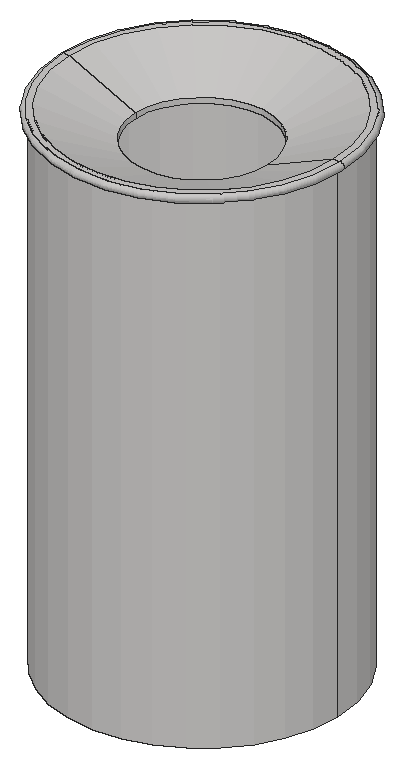
Revit family
Parameters (values of type "B-2400")
  URL = "http://www.bobrick.com"
  Revised Date = "23/08/2013"
  Product URL = "http://www.bobrick.com/washroomaccessories/Pages/ProductDetails.aspx?Product+Number%3DB-2400"
  Phone # = "416-250-5656"
  Model = "B-2400"
  Material = Satin-finish Stainless Steel
  Manufacturer = "Bobrick"
  Designed By = "ATS BIM Team"
  Description = "Satin-finish stainless steel. Removable funnel top with 8 1⁄4\" (210mm) diameter opening for hygienic, no-touch disposal of waste. Four heavy-duty rubber feet. Rigid plastic liner waste container has handle for easy removal. Capacity: 33-gal. (125-L). Unit 18 1⁄4\" diameter, 32\" high (465 x 815mm)."
  Default Elevation = 0' - 0"
Reference planes (in)
  plane 1 "Center (Front/Back)": y = 0
  plane 2: z = 0
  plane 3 "Center (Left/Right)": x = 0
  plane 4: z = 32.5
  plane 5: z = 0.5
  plane 6: x = -9.125
  plane 7: x = 9.125
Forms (in)
  Revolve 1, solid, material "Satin-finish Stainless Steel" <- "Material"
    sketch origin (0, 0, 0) x (1, 0, 0) y (0, 0, 1)
      loop
        line (-8.75, 0.5) -> (0, 0.5) -> (0, 0.875) -> (-8, 0.875) -> (-8, 30.375) -> (-4.25, 30.375) -> (-4.25, 30.69598) -> (-8.5, 32.5) -> (-8.875, 32.5)
        arc (-8.875, 32.5) -> (-9.125, 32.25) -> (-8.875, 32) r 0.25
        line (-8.875, 32) -> (-8.75, 32) -> (-8.75, 0.5)
      axis (0, 32.5) -> (0, 0.5)
    angle from 0 to 360
  Revolve 2, solid, material "Satin-finish Stainless Steel" <- "Material"
    sketch origin (0, 0, 0) x (0.866025, -0.5, 0) y (0, 0, 1)
      loop
        line (-6.93663, 0.5) -> (-6.93663, 0)
        arc (-6.93663, 0) -> (-6.58308, 0.14645) -> (-6.43663, 0.5) r 0.5
        line (-6.43663, 0.5) -> (-6.93663, 0.5)
      axis (-6.93663, 0.5) -> (-6.93663, 0)
    angle from 0 to 360
  Revolve 3, solid, material "Satin-finish Stainless Steel" <- "Material"
    sketch origin (0, 0, 0) x (0, 1, 0) y (0, 0, -1)
      loop
        line (-6.93663, -0.5) -> (-6.43663, -0.5)
        arc (-6.43663, -0.5) -> (-6.58308, -0.14645) -> (-6.93663, 0) r 0.5
        line (-6.93663, 0) -> (-6.93663, -0.5)
      axis (-6.93663, -0.5) -> (-6.93663, 0)
    angle from 0 to 360
  Revolve 4, solid, material "Satin-finish Stainless Steel" <- "Material"
    sketch origin (0, 0, 0) x (-0.866025, -0.5, 0) y (0, 0, -1)
      loop
        line (-6.93663, -0.5) -> (-6.43663, -0.5)
        arc (-6.43663, -0.5) -> (-6.58308, -0.14645) -> (-6.93663, 0) r 0.5
        line (-6.93663, 0) -> (-6.93663, -0.5)
      axis (-6.93663, -0.5) -> (-6.93663, 0)
    angle from 0 to 360
Cuts and joins
  joined: Revolve 1, Revolve 2, Revolve 3, Revolve 4
